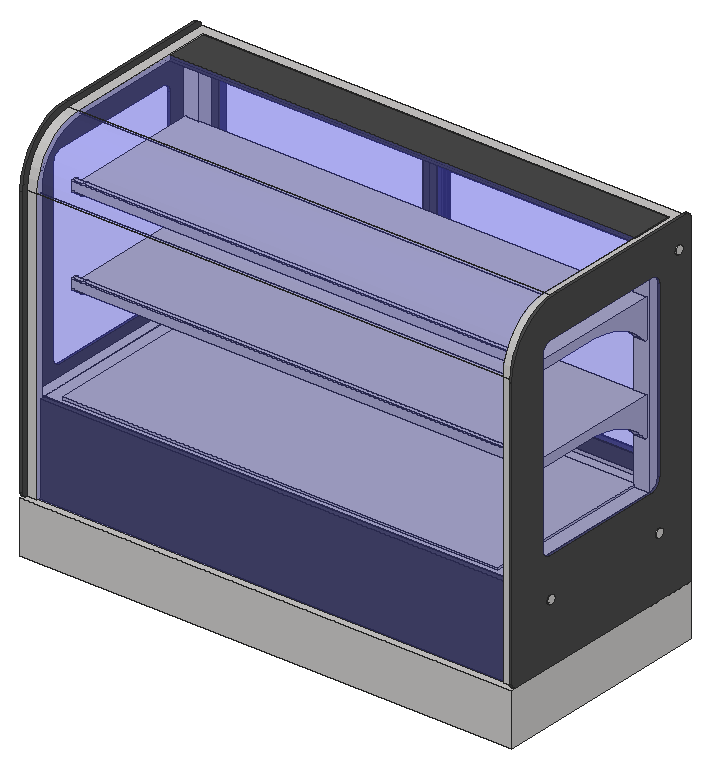
Revit family "Qf_Vollrath_HDC9348_Heated_Display_Case_Cubed_Countertop-48 inches_cat", category Specialty Equipment, Revit 2019
Family settings
  Round Connector Dimension = Use Diameter
  Part Type = Normal
  Work Plane-Based = No
  Always vertical = Yes
  Cut with Voids When Loaded = No
  Shared = No
  Room Calculation Point = No
Parameters
  Weight in Pounds = 423.3
  Watts = Volts * FL Amps  # 696 W
  Volts = 120 V
  URL Cutsheet = ""
  Specification by User = ""
  Specification by Manufacturer = ""
  Serial Number = ""
  Seismic Rating = ""
  SMACNA No = ""
  Revision Code = ""
  Phase = 0
  Number of Poles = 1
  NAFEM Spec ID Number = ""
  Model = "HDC9348"
  Min Ckt Ampacity = 0 A
  Max Overcurrent Protection = 0 A
  Masterspec = ""
  Manufacturer = "Vollrath"
  Length = 47.9"
  Item Number = ""
  Installed By = ""
  Identify Quantity as Lot = yes
  Height = 37.0"
  HP = ""
  Furnished By = ""
  Foodservice Equipment Identifier = yes
  FL Amps = 5.8 A
  Electrical Remarks = ""
  Electric Connection Type = ""
  Elec Conn RI Height = 0.0"
  Elec Conn Connection Height = 0.0"
  Description = "Heated Display Case Cubed Countertop-48\""
  Depth = 21.5"
  Cycle = 50 Hz
  Conn Plug = "NEMA 5-15P"
  Conn Conduit = yes
  CSI MasterFormat = ""
  Apparent Power = 0 VA
Reference planes (in)
  plane 1 "BACK": y = 0
  plane 2: z = 0
  plane 3 "LEFT": x = 0
  plane 4 "RIGHT": x = 47.9
  plane 5 "FRONT": y = -21.5
  plane 6 "TOP": z = 37
  plane 7 "Center Y": x = 23.95
  plane 8 "Center X": y = -10.75
  plane 9: x = 0.2
  plane 10: x = 0.45
  plane 11: x = 1.45
  plane 12: x = 47.7
  plane 13: x = 47.45
  plane 14: x = 46.45
  plane 15: z = 5
  plane 16: z = 22.08957
  plane 17: z = 30.55413
  plane 18: z = 13.66535
  plane 19: z = 15.3376
  plane 20: z = 33.6565
  plane 21: z = 34.82972
  plane 22: x = 2.2
  plane 23: y = -5
Forms (in)
  Extrusion 1, solid, material "QF_Plastic_Black_Smooth"
    sketch origin (0.2, -21.42126, 48) x (0, -1, 0) y (0, 0, 1)
      loop
        line (-21.42126, -43) -> (-0.42126, -43)
        arc (-0.42126, -43) -> (-0.06771, -42.85355) -> (0.07874, -42.5) r 0.5
        line (0.07874, -42.5) -> (0.07874, -16.5)
        arc (0.07874, -16.5) -> (-1.53217, -12.61091) -> (-5.42126, -11) r 5.5
        line (-5.42126, -11) -> (-20.92126, -11)
        arc (-20.92126, -11) -> (-21.27481, -11.14645) -> (-21.42126, -11.5) r 0.5
        line (-21.42126, -11.5) -> (-21.42126, -43)
      loop
        arc (-17.79626, -32.38281) -> (-17.50337, -33.08992) -> (-16.79626, -33.38281) r 1
        line (-16.79626, -33.38281) -> (-4.54626, -33.38281)
        arc (-4.54626, -33.38281) -> (-3.83915, -33.08992) -> (-3.54626, -32.38281) r 1
        line (-3.54626, -32.38281) -> (-3.54626, -15.7)
        arc (-3.54626, -15.7) -> (-3.83915, -14.99289) -> (-4.54626, -14.7) r 1
        line (-4.54626, -14.7) -> (-16.79626, -14.7)
        arc (-16.79626, -14.7) -> (-17.50337, -14.99289) -> (-17.79626, -15.7) r 1
        line (-17.79626, -15.7) -> (-17.79626, -32.38281)
    from 0 to -0.25
  Extrusion 2, solid, material "QF_Metal_Stainless_Polished"
    sketch origin (0.2, -21.42126, 48) x (0, -1, 0) y (0, 0, 1)
      loop
        circle (-19.84515, -13.58886) r 0.375
      loop
        circle (-17.4766, -37.03027) r 0.375
      loop
        circle (-4.38554, -37.03027) r 0.375
    from 0 to 0.2
  Extrusion 3, solid, material "QF_Plastic_Black_Smooth"
    sketch origin (47.7, -21.42126, 48) x (0, -1, 0) y (0, 0, -1)
      loop
        line (-21.42126, 43) -> (-21.42126, 11.5)
        arc (-21.42126, 11.5) -> (-21.27481, 11.14645) -> (-20.92126, 11) r 0.5
        line (-20.92126, 11) -> (-5.42126, 11)
        arc (-5.42126, 11) -> (-1.53217, 12.61091) -> (0.07874, 16.5) r 5.5
        line (0.07874, 16.5) -> (0.07874, 42.5)
        arc (0.07874, 42.5) -> (-0.06771, 42.85355) -> (-0.42126, 43) r 0.5
        line (-0.42126, 43) -> (-21.42126, 43)
      loop
        line (-17.79626, 32.38281) -> (-17.79626, 15.7)
        arc (-17.79626, 15.7) -> (-17.50337, 14.99289) -> (-16.79626, 14.7) r 1
        line (-16.79626, 14.7) -> (-4.54626, 14.7)
        arc (-4.54626, 14.7) -> (-3.83915, 14.99289) -> (-3.54626, 15.7) r 1
        line (-3.54626, 15.7) -> (-3.54626, 32.38281)
        arc (-3.54626, 32.38281) -> (-3.83915, 33.08992) -> (-4.54626, 33.38281) r 1
        line (-4.54626, 33.38281) -> (-16.79626, 33.38281)
        arc (-16.79626, 33.38281) -> (-17.50337, 33.08992) -> (-17.79626, 32.38281) r 1
    from 0 to -0.25
  Extrusion 4, solid, material "QF_Metal_Stainless_Polished"
    sketch origin (47.7, -21.42126, 48) x (0, -1, 0) y (0, 0, -1)
      loop
        circle (-19.84515, 13.58886) r 0.375
      loop
        circle (-17.4766, 37.03027) r 0.375
      loop
        circle (-4.38554, 37.03027) r 0.375
    from 0 to 0.2
  Extrusion 5, solid, material "QF_Metal_Stainless_Polished"
    sketch origin (0.45, -21.42126, 48.39448) x (0, -1, 0) y (0, 0, 1)
      loop
        line (-21.42126, -39.76948) -> (-20.42126, -39.76948) -> (-20.42126, -43.39448) -> (-0.42126, -43.39448) -> (-0.42126, -16.89448)
        arc (-0.42126, -16.89448) -> (-1.88573, -13.35895) -> (-5.42126, -11.89448) r 5
        line (-5.42126, -11.89448) -> (-21.42126, -11.89448) -> (-21.42126, -39.76948)
      loop
        line (-20.92126, -34.72913) -> (-0.92126, -34.72913) -> (-0.92126, -16.89448)
        arc (-0.92126, -16.89448) -> (-2.23928, -13.7125) -> (-5.42126, -12.39448) r 4.5
        line (-5.42126, -12.39448) -> (-20.92126, -12.39448) -> (-20.92126, -34.72913)
    from 0 to -1
  Extrusion 6, solid, material "QF_Metal_Stainless_Polished"
    sketch origin (1.45, -21.42126, 48.39448) x (0, -1, 0) y (0, 0, 1)
      loop
        line (-20.01969, -34.46605) -> (-19.99213, -34.50992) -> (-19.99213, -34.6435) -> (-20.83465, -34.6435) -> (-20.83465, -34.50992) -> (-20.80709, -34.46605) -> (-20.80709, -34.35609)
        arc (-20.80709, -34.35609) -> (-20.81285, -34.34217) -> (-20.82677, -34.33641) r 0.01969
        line (-20.82677, -34.33641) -> (-20.90551, -34.33641)
        arc (-20.90551, -34.33641) -> (-20.91943, -34.34217) -> (-20.9252, -34.35609) r 0.01969
        line (-20.9252, -34.35609) -> (-20.9252, -34.46605) -> (-20.89764, -34.50992) -> (-20.89764, -34.6435) -> (-21.31102, -34.6435) -> (-21.31102, -34.36003) -> (-21.35827, -34.36003) -> (-21.35827, -34.72913) -> (-19.4685, -34.72913) -> (-19.4685, -34.36003) -> (-19.51575, -34.36003) -> (-19.51575, -34.6435) -> (-19.92913, -34.6435) -> (-19.92913, -34.50992) -> (-19.90157, -34.46605) -> (-19.90157, -34.35609)
        arc (-19.90157, -34.35609) -> (-19.90734, -34.34217) -> (-19.92126, -34.33641) r 0.01969
        line (-19.92126, -34.33641) -> (-20, -34.33641)
        arc (-20, -34.33641) -> (-20.01392, -34.34217) -> (-20.01969, -34.35609) r 0.01969
        line (-20.01969, -34.35609) -> (-20.01969, -34.46605)
    from 0 to -45
  Extrusion 7, solid, material "QF_Metal_Stainless_Polished"
    sketch origin (2.2, -3.37008, 48) x (0, -1, 0) y (0, 0, 1)
      loop
        arc (12.99213, -26.77657) -> (13.09402, -26.76316) -> (13.18898, -26.72383) r 0.3937
        line (13.18898, -26.72383) -> (13.75197, -26.39879)
        arc (13.75197, -26.39879) -> (13.77214, -26.37861) -> (13.77953, -26.35105) r 0.05512
        line (13.77953, -26.35105) -> (13.77953, -25.45374)
        arc (13.77953, -25.45374) -> (13.76338, -25.41477) -> (13.72441, -25.39862) r 0.05512
        line (13.72441, -25.39862) -> (13.3622, -25.39862)
        arc (13.3622, -25.39862) -> (13.32323, -25.41477) -> (13.30709, -25.45374) r 0.05512
        line (13.30709, -25.45374) -> (13.30709, -25.91043)
        arc (13.30709, -25.91043) -> (13.29331, -25.92421) -> (13.27953, -25.91043) r 0.01378
        line (13.27953, -25.91043) -> (0, -25.91043) -> (0, -29.52049)
        arc (0, -29.52049) -> (0.07688, -29.63117) -> (0.20744, -29.59776) r 0.11811
        arc (0.20744, -29.59776) -> (2.98552, -27.51532) -> (6.37795, -26.77657) r 8.15869
        line (6.37795, -26.77657) -> (12.99213, -26.77657)
    from -0.5 to 0.5
  Extrusion 8, solid, material "QF_Plastic_Black_Smooth"
    sketch origin (40.07697, 0, 15.3376) x (0, 1, 0) y (1, 0, 0)
      loop
        line (-0.38189, -15.47047) -> (-0.38189, -15.3878)
        arc (-0.38189, -15.3878) -> (-0.40296, -15.36682) -> (-0.42944, -15.38034) r 0.02532
        arc (-0.42944, -15.38034) -> (-0.55527, -15.45742) -> (-0.6811, -15.38034) r 0.14124
        arc (-0.6811, -15.38034) -> (-0.70758, -15.36682) -> (-0.72866, -15.3878) r 0.02532
        line (-0.72866, -15.3878) -> (-0.72866, -15.47441) -> (-0.79917, -15.47441) -> (-0.82677, -15.55025) -> (-0.82677, -16.24213) -> (-0.96063, -16.19341) -> (-0.96063, -16.84843) -> (-0.14961, -16.84843) -> (-0.14961, -16.24213) -> (-0.34646, -16.24213) -> (-0.34646, -15.65945) -> (-0.16929, -15.65945)
        arc (-0.16929, -15.65945) -> (-0.15537, -15.65368) -> (-0.14961, -15.63976) r 0.01969
        line (-0.14961, -15.63976) -> (-0.14961, -15.49016)
        arc (-0.14961, -15.49016) -> (-0.15537, -15.47624) -> (-0.16929, -15.47047) r 0.01969
        line (-0.16929, -15.47047) -> (-0.38189, -15.47047)
    from 1.58661 to -19.49213
  Extrusion 9, solid, material "QF_Plastic_Black_Smooth"
    sketch origin (34.15041, 0, 15.3376) x (0, 1, 0) y (1, 0, 0)
      loop
        line (-0.38189, -32.59646) -> (-0.16929, -32.59646)
        arc (-0.16929, -32.59646) -> (-0.15537, -32.59069) -> (-0.14961, -32.57677) r 0.01969
        line (-0.14961, -32.57677) -> (-0.14961, -32.42717)
        arc (-0.14961, -32.42717) -> (-0.15537, -32.41325) -> (-0.16929, -32.40748) r 0.01969
        line (-0.16929, -32.40748) -> (-0.34646, -32.40748) -> (-0.34646, -31.8248) -> (-0.14961, -31.8248) -> (-0.14961, -31.2185) -> (-0.96063, -31.2185) -> (-0.96063, -31.87352) -> (-0.82677, -31.8248) -> (-0.82677, -32.51668) -> (-0.79917, -32.59252) -> (-0.72866, -32.59252) -> (-0.72866, -32.67913)
        arc (-0.72866, -32.67913) -> (-0.70758, -32.70011) -> (-0.6811, -32.68659) r 0.02532
        arc (-0.6811, -32.68659) -> (-0.55527, -32.60951) -> (-0.42944, -32.68659) r 0.14124
        arc (-0.42944, -32.68659) -> (-0.40296, -32.70011) -> (-0.38189, -32.67913) r 0.02532
        line (-0.38189, -32.67913) -> (-0.38189, -32.59646)
    from 1.58661 to -19.49213
  Extrusion 10, solid, material "QF_Plastic_Black_Smooth"
    sketch origin (61.81652, -0.90551, 15.3376) x (0, 1, 0) y (1, 0, 0)
      loop
        line (-0.38189, -15.47047) -> (-0.38189, -15.3878)
        arc (-0.38189, -15.3878) -> (-0.40296, -15.36682) -> (-0.42944, -15.38034) r 0.02532
        arc (-0.42944, -15.38034) -> (-0.55527, -15.45742) -> (-0.6811, -15.38034) r 0.14124
        arc (-0.6811, -15.38034) -> (-0.70758, -15.36682) -> (-0.72866, -15.3878) r 0.02532
        line (-0.72866, -15.3878) -> (-0.72866, -15.47441) -> (-0.79917, -15.47441) -> (-0.82677, -15.55025) -> (-0.82677, -16.24213) -> (-0.96063, -16.19341) -> (-0.96063, -16.84843) -> (-0.14961, -16.84843) -> (-0.14961, -16.24213) -> (-0.34646, -16.24213) -> (-0.34646, -15.65945) -> (-0.16929, -15.65945)
        arc (-0.16929, -15.65945) -> (-0.15537, -15.65368) -> (-0.14961, -15.63976) r 0.01969
        line (-0.14961, -15.63976) -> (-0.14961, -15.49016)
        arc (-0.14961, -15.49016) -> (-0.15537, -15.47624) -> (-0.16929, -15.47047) r 0.01969
        line (-0.16929, -15.47047) -> (-0.38189, -15.47047)
    from 1.58661 to -19.49213
  Extrusion 11, solid, material "QF_Plastic_Black_Smooth"
    sketch origin (55.88996, -0.90551, 15.3376) x (0, 1, 0) y (1, 0, 0)
      loop
        line (-0.38189, -32.59646) -> (-0.16929, -32.59646)
        arc (-0.16929, -32.59646) -> (-0.15537, -32.59069) -> (-0.14961, -32.57677) r 0.01969
        line (-0.14961, -32.57677) -> (-0.14961, -32.42717)
        arc (-0.14961, -32.42717) -> (-0.15537, -32.41325) -> (-0.16929, -32.40748) r 0.01969
        line (-0.16929, -32.40748) -> (-0.34646, -32.40748) -> (-0.34646, -31.8248) -> (-0.14961, -31.8248) -> (-0.14961, -31.2185) -> (-0.96063, -31.2185) -> (-0.96063, -31.87352) -> (-0.82677, -31.8248) -> (-0.82677, -32.51668) -> (-0.79917, -32.59252) -> (-0.72866, -32.59252) -> (-0.72866, -32.67913)
        arc (-0.72866, -32.67913) -> (-0.70758, -32.70011) -> (-0.6811, -32.68659) r 0.02532
        arc (-0.6811, -32.68659) -> (-0.55527, -32.60951) -> (-0.42944, -32.68659) r 0.14124
        arc (-0.42944, -32.68659) -> (-0.40296, -32.70011) -> (-0.38189, -32.67913) r 0.02532
        line (-0.38189, -32.67913) -> (-0.38189, -32.59646)
    from 1.58661 to -19.49213
  Extrusion 12, solid, material "QF_Plastic_Black_Smooth"
    sketch origin (44.9799, -1.05512, 15.3376) x (1, 0, 0) y (0, 0, -1)
      loop
        line (-0.01181, -0.08661) -> (-0.01181, 1.58661) -> (-20.29073, 1.58661) -> (-20.29073, -0.08661) -> (-0.01181, -0.08661)
      loop
        line (-0.01181, -18.3189) -> (-20.29073, -18.3189) -> (-20.29073, -19.49213) -> (-0.01181, -19.49213) -> (-0.01181, -18.3189)
    from 0 to -0.81102
  Extrusion 13, solid, material "QF_Plastic_Black_Smooth"
    sketch origin (17.24035, -0.14961, 15.3376) x (1, 0, 0) y (0, 0, -1)
      loop
        line (5.95046, -0.08661) -> (5.95046, 1.58661) -> (-14.30845, 1.58661) -> (-14.30845, -0.08661) -> (5.95046, -0.08661)
      loop
        line (5.94279, -18.3189) -> (-14.30845, -18.3189) -> (-14.30845, -19.49213) -> (5.94279, -19.49213) -> (5.94279, -18.3189)
    from 0 to -0.81102
  Extrusion 14, solid, material "Glass"
    sketch origin (44.96809, -1.05512, 15.42421) x (-1, 0, 0) y (0, -1, 0)
      loop
        line (0, 0.13) -> (20.27892, 0.13) -> (20.27892, 0.69102) -> (0, 0.69102) -> (0, 0.13)
      loop
        line (21.77728, -0.77551) -> (42.03618, -0.77551) -> (42.03618, -0.22449) -> (21.77728, -0.22449) -> (21.77728, -0.77551)
    from 0 to 18.23228
  Extrusion 15, solid, material "QF_Metal_Stainless_Polished"
    sketch origin (0, 0, 0) x (1, 0, 0) y (0, 0, 1)
      loop
        line (46.45, 36.5) -> (1.45, 36.5) -> (1.45, 35.35728) -> (46.45, 35.35728) -> (46.45, 36.5)
    from 0 to 1
  Extrusion 16, solid, material "QF_Metal_Stainless_Polished"
    sketch origin (-51.07972, -0.125, 0) x (1, 0, 0) y (0, 0, 1)
      loop
        line (97.00216, 13.66535) -> (97.52972, 13.66535) -> (97.52972, 35.35728) -> (52.52972, 35.35728) -> (52.52972, 13.66535) -> (53.05728, 13.66535) -> (53.05728, 34.82972) -> (97.00216, 34.82972) -> (97.00216, 13.66535)
    from 0 to 0.125
  Extrusion 17, solid, material "QF_Metal_Stainless_Polished"
    sketch origin (33.31121, 0, 13.66535) x (0, 1, 0) y (1, 0, 0)
      loop
        line (-1.95276, -31.86121) -> (-1.95276, -30.36121) -> (-3.37008, -30.36121) -> (-3.37008, -31.86121) -> (-1.95276, -31.86121)
      loop
        line (-1.95276, 13.13879) -> (-3.37008, 13.13879) -> (-3.37008, 11.63879) -> (-1.95276, 11.63879) -> (-1.95276, 13.13879)
    from 0 to -22.33465
  Extrusion 18, solid, material "QF_Metal_Stainless_Polished"
    sketch origin (45.7, -3.37008, 48) x (0, -1, 0) y (0, 0, -1)
      loop
        line (12.99213, 26.77657) -> (6.37795, 26.77657)
        arc (6.37795, 26.77657) -> (2.98552, 27.51532) -> (0.20744, 29.59776) r 8.15869
        arc (0.20744, 29.59776) -> (0.07688, 29.63117) -> (0, 29.52049) r 0.11811
        line (0, 29.52049) -> (0, 25.91043) -> (13.27953, 25.91043)
        arc (13.27953, 25.91043) -> (13.29331, 25.92421) -> (13.30709, 25.91043) r 0.01378
        line (13.30709, 25.91043) -> (13.30709, 25.45374)
        arc (13.30709, 25.45374) -> (13.32323, 25.41477) -> (13.3622, 25.39862) r 0.05512
        line (13.3622, 25.39862) -> (13.72441, 25.39862)
        arc (13.72441, 25.39862) -> (13.76338, 25.41477) -> (13.77953, 25.45374) r 0.05512
        line (13.77953, 25.45374) -> (13.77953, 26.35105)
        arc (13.77953, 26.35105) -> (13.77214, 26.37861) -> (13.75197, 26.39879) r 0.05512
        line (13.75197, 26.39879) -> (13.18898, 26.72383)
        arc (13.18898, 26.72383) -> (13.09402, 26.76316) -> (12.99213, 26.77657) r 0.3937
    from -0.5 to 0.5
  Extrusion 19, solid, material "QF_Metal_Stainless_Polished"
    sketch origin (2.7, -3.37008, 48) x (0, 1, 0) y (0, 0, 1)
      loop
        line (0, -25.91043) -> (-13.27953, -25.91043)
        arc (-13.27953, -25.91043) -> (-13.29331, -25.92421) -> (-13.30709, -25.91043) r 0.01378
        line (-13.30709, -25.91043) -> (-13.30709, -25.45374)
        arc (-13.30709, -25.45374) -> (-13.32323, -25.41477) -> (-13.3622, -25.39862) r 0.05512
        line (-13.3622, -25.39862) -> (-13.72441, -25.39862)
        arc (-13.72441, -25.39862) -> (-13.76338, -25.41477) -> (-13.77953, -25.45374) r 0.05512
        line (-13.77953, -25.45374) -> (-13.77953, -26.35105) -> (0, -26.35105) -> (0, -25.91043)
    from 0 to 42.5
  Extrusion 20, solid, material "QF_Metal_Stainless_Polished"
    sketch origin (-79.5026, 0, 0) x (1, 0, 0) y (0, 0, 1)
      loop
        line (80.9526, 13.66437) -> (80.9526, 8.625) -> (125.9526, 8.625) -> (125.9526, 13.66437) -> (80.9526, 13.66437)
    from 0 to 20.25
  Extrusion 21, solid, material "QF_Metal_Stainless_Polished"
    sketch origin (-79.5026, 0, 0) x (1, 0, 0) y (0, 0, 1)
      loop
        line (126.35516, 0) -> (126.35516, 0.70374) -> (80.55004, 0.70374) -> (80.55004, 0) -> (126.35516, 0)
    from 3 to 0.5
  Extrusion 22, solid, material "QF_Metal_Stainless_Polished"
    sketch origin (-67.5026, 0, 0) x (1, 0, 0) y (0, 0, 1)
      loop
        line (114.35516, 0.70374) -> (114.35516, 8.625) -> (113.13862, 8.625) -> (113.13862, 0.70374) -> (114.35516, 0.70374)
    from 3 to 0.5
  Extrusion 23, solid, material "QF_Metal_Stainless_Polished"
    sketch origin (-80.67976, 0, 0) x (1, 0, 0) y (0, 0, 1)
      loop
        line (126.31579, 0.70374) -> (126.31579, 8.625) -> (89.52248, 8.625) -> (89.52248, 0.70374) -> (126.31579, 0.70374)
    from 3 to 0.5
  Extrusion 24, solid, material "QF_Metal_Stainless_Polished"
    sketch origin (-105.47307, 0, 0) x (1, 0, 0) y (0, 0, 1)
      loop
        line (114.31579, 0.70374) -> (114.31579, 8.625) -> (113.41027, 8.625) -> (113.41027, 0.70374) -> (114.31579, 0.70374)
    from 3 to 0.5
  Extrusion 25, solid, material "QF_Metal_Stainless_Polished"
    sketch origin (-106.37858, 0, 0) x (1, 0, 0) y (0, 0, 1)
      loop
        line (114.31579, 0.70374) -> (114.31579, 8.625) -> (108.60712, 8.625) -> (108.60712, 0.70374) -> (114.31579, 0.70374)
    from 3 to 0.5
  Extrusion 26, solid, material "QF_Metal_Stainless_Polished"
    sketch origin (-112.08724, 0, 0) x (1, 0, 0) y (0, 0, 1)
      loop
        line (114.31579, 0.70374) -> (114.31579, 8.625) -> (113.13468, 8.625) -> (113.13468, 0.70374) -> (114.31579, 0.70374)
    from 3 to 0.5
  Extrusion 27, solid, material "QF_Metal_Stainless_Polished"
    sketch origin (-79.5026, 0, 0) x (-1, 0, 0) y (0, 0, 1)
      loop
        line (-81.14413, 11.28248) -> (-84.95201, 11.28248)
        arc (-84.95201, 11.28248) -> (-85.01854, 11.25492) -> (-85.0461, 11.18839) r 0.09409
        line (-85.0461, 11.18839) -> (-85.0461, 8.87657)
        arc (-85.0461, 8.87657) -> (-85.01854, 8.81004) -> (-84.95201, 8.78248) r 0.09409
        line (-84.95201, 8.78248) -> (-81.14413, 8.78248)
        arc (-81.14413, 8.78248) -> (-81.0776, 8.81004) -> (-81.05004, 8.87657) r 0.09409
        line (-81.05004, 8.87657) -> (-81.05004, 11.18839)
        arc (-81.05004, 11.18839) -> (-81.0776, 11.25492) -> (-81.14413, 11.28248) r 0.09409
    from 0 to 0.06
  Extrusion 28, solid, material "QF_Metal_Stainless_Polished"
    sketch origin (2.2, -3.37008, 56.46457) x (0, -1, 0) y (0, 0, 1)
      loop
        arc (12.99213, -26.77657) -> (13.09402, -26.76316) -> (13.18898, -26.72383) r 0.3937
        line (13.18898, -26.72383) -> (13.75197, -26.39879)
        arc (13.75197, -26.39879) -> (13.77214, -26.37861) -> (13.77953, -26.35105) r 0.05512
        line (13.77953, -26.35105) -> (13.77953, -25.45374)
        arc (13.77953, -25.45374) -> (13.76338, -25.41477) -> (13.72441, -25.39862) r 0.05512
        line (13.72441, -25.39862) -> (13.3622, -25.39862)
        arc (13.3622, -25.39862) -> (13.32323, -25.41477) -> (13.30709, -25.45374) r 0.05512
        line (13.30709, -25.45374) -> (13.30709, -25.91043)
        arc (13.30709, -25.91043) -> (13.29331, -25.92421) -> (13.27953, -25.91043) r 0.01378
        line (13.27953, -25.91043) -> (0, -25.91043) -> (0, -29.52049)
        arc (0, -29.52049) -> (0.07688, -29.63117) -> (0.20744, -29.59776) r 0.11811
        arc (0.20744, -29.59776) -> (2.98552, -27.51532) -> (6.37795, -26.77657) r 8.15869
        line (6.37795, -26.77657) -> (12.99213, -26.77657)
    from -0.5 to 0.5
  Extrusion 29, solid, material "QF_Metal_Stainless_Polished"
    sketch origin (45.7, -3.37008, 56.46457) x (0, -1, 0) y (0, 0, -1)
      loop
        line (12.99213, 26.77657) -> (6.37795, 26.77657)
        arc (6.37795, 26.77657) -> (2.98552, 27.51532) -> (0.20744, 29.59776) r 8.15869
        arc (0.20744, 29.59776) -> (0.07688, 29.63117) -> (0, 29.52049) r 0.11811
        line (0, 29.52049) -> (0, 25.91043) -> (13.27953, 25.91043)
        arc (13.27953, 25.91043) -> (13.29331, 25.92421) -> (13.30709, 25.91043) r 0.01378
        line (13.30709, 25.91043) -> (13.30709, 25.45374)
        arc (13.30709, 25.45374) -> (13.32323, 25.41477) -> (13.3622, 25.39862) r 0.05512
        line (13.3622, 25.39862) -> (13.72441, 25.39862)
        arc (13.72441, 25.39862) -> (13.76338, 25.41477) -> (13.77953, 25.45374) r 0.05512
        line (13.77953, 25.45374) -> (13.77953, 26.35105)
        arc (13.77953, 26.35105) -> (13.77214, 26.37861) -> (13.75197, 26.39879) r 0.05512
        line (13.75197, 26.39879) -> (13.18898, 26.72383)
        arc (13.18898, 26.72383) -> (13.09402, 26.76316) -> (12.99213, 26.77657) r 0.3937
    from -0.5 to 0.5
  Extrusion 30, solid, material "QF_Metal_Stainless_Polished"
    sketch origin (2.7, -3.37008, 56.46457) x (0, 1, 0) y (0, 0, 1)
      loop
        line (0, -25.91043) -> (-13.27953, -25.91043)
        arc (-13.27953, -25.91043) -> (-13.29331, -25.92421) -> (-13.30709, -25.91043) r 0.01378
        line (-13.30709, -25.91043) -> (-13.30709, -25.45374)
        arc (-13.30709, -25.45374) -> (-13.32323, -25.41477) -> (-13.3622, -25.39862) r 0.05512
        line (-13.3622, -25.39862) -> (-13.72441, -25.39862)
        arc (-13.72441, -25.39862) -> (-13.76338, -25.41477) -> (-13.77953, -25.45374) r 0.05512
        line (-13.77953, -25.45374) -> (-13.77953, -26.35105) -> (0, -26.35105) -> (0, -25.91043)
    from 0 to 42.5
  Extrusion 31, solid, material "QF_Metal_Stainless_Polished"
    sketch origin (0, 0, 0) x (1, 0, 0) y (0, 1, 0)
      loop
        line (47.7, 0) -> (46.85256, 0) -> (46.85256, -3) -> (1.04744, -3) -> (1.04744, 0) -> (0.2, 0) -> (0.2, -21.5) -> (47.7, -21.5) -> (47.7, 0)
    from 0 to 5
  Extrusion 32, solid, material "QF_Metal_Stainless_Polished"
    sketch origin (47.45, -21.42126, 48.39448) x (0, -1, 0) y (0, 0, -1)
      loop
        line (-21.42126, 39.76948) -> (-21.42126, 11.89448) -> (-5.42126, 11.89448)
        arc (-5.42126, 11.89448) -> (-1.88573, 13.35895) -> (-0.42126, 16.89448) r 5
        line (-0.42126, 16.89448) -> (-0.42126, 43.39448) -> (-20.42126, 43.39448) -> (-20.42126, 39.76948) -> (-21.42126, 39.76948)
      loop
        line (-20.92126, 34.72913) -> (-20.92126, 12.39448) -> (-5.42126, 12.39448)
        arc (-5.42126, 12.39448) -> (-2.23928, 13.7125) -> (-0.92126, 16.89448) r 4.5
        line (-0.92126, 16.89448) -> (-0.92126, 34.72913) -> (-20.92126, 34.72913)
    from 0 to -1
  Extrusion 33, solid, material "QF_Metal_Stainless_Polished"
    sketch origin (0, 0, 0) x (1, 0, 0) y (0, 0, 1)
      loop
        line (0.45, 8.625) -> (0.45, 5) -> (1.04744, 5) -> (1.04744, 8.625) -> (0.45, 8.625)
      loop
        line (47.45, 8.625) -> (46.85256, 8.625) -> (46.85256, 5) -> (47.45, 5) -> (47.45, 8.625)
    from 0 to 1
  Extrusion 34, solid, material "QF_Plastic_Black_Smooth"
    sketch origin (7.23536, -0.5, 1.36639) x (0, -0.34076, 0.94015) y (1, 0, 0)
      loop
        line (4.80772, -0.13) -> (0.38, -0.13)
        arc (0.38, -0.13) -> (0.20322, -0.20322) -> (0.13, -0.38) r 0.25
        line (0.13, -0.38) -> (0.13, -3.92346)
        arc (0.13, -3.92346) -> (0.20322, -4.10023) -> (0.38, -4.17346) r 0.25
        line (0.38, -4.17346) -> (4.80772, -4.17346)
        arc (4.80772, -4.17346) -> (4.98449, -4.10023) -> (5.05772, -3.92346) r 0.25
        line (5.05772, -3.92346) -> (5.05772, -0.38)
        arc (5.05772, -0.38) -> (4.98449, -0.20322) -> (4.80772, -0.13) r 0.25
    from 0 to 0.06
  Extrusion 35, solid, material "QF_Plastic_White_Smooth"
    sketch origin (7.23536, -0.44359, 1.38683) x (0, -0.34076, 0.94015) y (1, 0, 0)
      loop
        circle (0.93442, -3.29352) r 0.5
    from 0 to 0.25
  Extrusion 36, solid, material "QF_Plastic_Black_Smooth"
    sketch origin (7.23536, -0.44359, 1.38683) x (0, -0.34076, 0.94015) y (1, 0, 0)
      loop
        arc (4.45141, -0.68195) -> (3.82641, -0.37591) -> (3.20141, -0.68195) r 0.79121
        line (3.20141, -0.68195) -> (3.20141, -3.6215)
        arc (3.20141, -3.6215) -> (3.82641, -3.92755) -> (4.45141, -3.6215) r 0.79121
        line (4.45141, -3.6215) -> (4.45141, -0.68195)
    from 0 to 0.06
  Extrusion 37, solid, material "QF_Plastic_Black_Smooth"
    sketch origin (-75.7526, 0, 0) x (-1, 0, 0) y (0, 0, 1)
      loop
        line (-77.49689, 13.52657) -> (-81.11894, 13.52657)
        arc (-81.11894, 13.52657) -> (-81.25813, 13.46892) -> (-81.31579, 13.32972) r 0.19685
        line (-81.31579, 13.32972) -> (-81.31579, 11.59744)
        arc (-81.31579, 11.59744) -> (-81.25813, 11.45825) -> (-81.11894, 11.40059) r 0.19685
        line (-81.11894, 11.40059) -> (-77.49689, 11.40059)
        arc (-77.49689, 11.40059) -> (-77.35769, 11.45825) -> (-77.30004, 11.59744) r 0.19685
        line (-77.30004, 11.59744) -> (-77.30004, 13.32972)
        arc (-77.30004, 13.32972) -> (-77.35769, 13.46892) -> (-77.49689, 13.52657) r 0.19685
      loop
        line (-81.41421, 8.97933) -> (-81.41421, 11.2628)
        arc (-81.41421, 11.2628) -> (-81.47187, 11.40199) -> (-81.61106, 11.45965) r 0.19685
        line (-81.61106, 11.45965) -> (-84.17012, 11.45965)
        arc (-84.17012, 11.45965) -> (-84.30931, 11.40199) -> (-84.36697, 11.2628) r 0.19685
        line (-84.36697, 11.2628) -> (-84.36697, 8.97933)
        arc (-84.36697, 8.97933) -> (-84.30931, 8.84014) -> (-84.17012, 8.78248) r 0.19685
        line (-84.17012, 8.78248) -> (-81.61106, 8.78248)
        arc (-81.61106, 8.78248) -> (-81.47187, 8.84014) -> (-81.41421, 8.97933) r 0.19685
    from 0 to 0.06
  Extrusion 38, solid, material "QF_Plastic_Black_Smooth"
    sketch origin (0.45, -0.5, 36.5) x (0, -1, 0) y (1, 0, 0)
      loop
        line (4.5, 1) -> (4.5, 46) -> (0.5, 46) -> (0.5, 1) -> (4.5, 1)
    from 0 to -0.5
  Extrusion 39, solid, material "QF_Metal_Stainless_Polished"
    sketch origin (1.38012, 0, 13.66437) x (1, 0, 0) y (0, 1, 0)
      loop
        line (1.56988, -3.20977) -> (1.56988, -19.75) -> (43.56988, -19.75) -> (43.56988, -3.20977) -> (1.56988, -3.20977)
    from 0 to 0.25
  Extrusion 40, solid, material "QF_Plastic_Black_Smooth"
    sketch origin (-79.5026, -20.25, 0) x (1, 0, 0) y (0, 0, 1)
      loop
        line (125.9526, 13.66437) -> (80.9526, 13.66437) -> (80.9526, 5) -> (125.9526, 5) -> (125.9526, 13.66437)
    from 0 to 0.5
  Extrusion 41, solid, material "Glass"
    sketch origin (1.45, -21.42126, 48.39448) x (0, 1, 0) y (0, 0, 1)
      loop
        line (0.42126, -16.89448) -> (0.42126, -43.39448) -> (0.67126, -43.39448) -> (0.67126, -16.89448)
        arc (0.67126, -16.89448) -> (2.0625, -13.53572) -> (5.42126, -12.14448) r 4.75
        line (5.42126, -12.14448) -> (16.42126, -12.14448) -> (16.42126, -11.89448) -> (5.42126, -11.89448)
        arc (5.42126, -11.89448) -> (1.88573, -13.35895) -> (0.42126, -16.89448) r 5
    from 0 to 45
  Extrusion 42, solid, material "Glass"
    sketch origin (0.2, -21.42126, 48) x (0, -1, 0) y (0, 0, 1)
      loop
        line (-16.79626, -33.38281) -> (-4.54626, -33.38281)
        arc (-4.54626, -33.38281) -> (-3.83915, -33.08992) -> (-3.54626, -32.38281) r 1
        line (-3.54626, -32.38281) -> (-3.54626, -15.7)
        arc (-3.54626, -15.7) -> (-3.83915, -14.99289) -> (-4.54626, -14.7) r 1
        line (-4.54626, -14.7) -> (-16.79626, -14.7)
        arc (-16.79626, -14.7) -> (-17.50337, -14.99289) -> (-17.79626, -15.7) r 1
        line (-17.79626, -15.7) -> (-17.79626, -32.38281)
        arc (-17.79626, -32.38281) -> (-17.50337, -33.08992) -> (-16.79626, -33.38281) r 1
    from 0 to -0.25
  Extrusion 43, solid, material "Glass"
    sketch origin (47.7, -21.42126, 48) x (0, -1, 0) y (0, 0, -1)
      loop
        arc (-16.79626, 33.38281) -> (-17.50337, 33.08992) -> (-17.79626, 32.38281) r 1
        line (-17.79626, 32.38281) -> (-17.79626, 15.7)
        arc (-17.79626, 15.7) -> (-17.50337, 14.99289) -> (-16.79626, 14.7) r 1
        line (-16.79626, 14.7) -> (-4.54626, 14.7)
        arc (-4.54626, 14.7) -> (-3.83915, 14.99289) -> (-3.54626, 15.7) r 1
        line (-3.54626, 15.7) -> (-3.54626, 32.38281)
        arc (-3.54626, 32.38281) -> (-3.83915, 33.08992) -> (-4.54626, 33.38281) r 1
        line (-4.54626, 33.38281) -> (-16.79626, 33.38281)
    from 0 to -0.25
  Extrusion 44, void
    sketch origin (7.23536, 0, 2.05972) x (0, 0, 1) y (0, -1, 0)
      loop
        line (-0.69333, 0.5) -> (-0.69333, -1.5) -> (5.95167, -1.5) -> (5.95167, 0.5) -> (4.1839, 2.26777) -> (-0.69333, 0.5)
    from 0 to -4.30346
Cuts and joins
  Extrusion 44 cuts Extrusion 23
  Extrusion 44 cuts Extrusion 25
  joined: Extrusion 5, Extrusion 15, Extrusion 32
  joined: Extrusion 28, Extrusion 29, Extrusion 30
  joined: Extrusion 7, Extrusion 18, Extrusion 19
Lines and regions (in)
  symbolic lines
    curve 1: line (0.2, -21.5, 0) -> (47.7, -21.5, 0)
    curve 2: line (0.45, -21, 0) -> (47.45, -21, 0)
    curve 3: line (46.45, -21, 0) -> (46.45, -5, 0)
    curve 4: line (1.45, -5, 0) -> (1.45, -21, 0)
    curve 5: line (46.45, -5, 0) -> (1.45, -5, 0)
    curve 6: line (1.45, -1, 0) -> (1.45, -5, 0)
    curve 7: line (46.45, -1, 0) -> (1.45, -1, 0)
    curve 8: line (46.45, -5, 0) -> (46.45, -1, 0)
    curve 9: line (0.2, 0, 0) -> (0.2, -21.5, 0)
    curve 10: line (0.45, -21.5, 0) -> (0.45, 0, 0)
    curve 11: line (47.45, 0, 0) -> (47.45, -21.5, 0)
    curve 12: line (47.7, -21.5, 0) -> (47.7, 0, 0)
    curve 13: line (0.2, 0, 0) -> (47.7, 0, 0)
    curve 14: line (47.9, -1.20111, 0) -> (47.7, -1.20111, 0)
    curve 15: line (47.9, -1.20111, 0) -> (47.9, -1.95111, 0)
    curve 16: line (47.9, -1.95111, 0) -> (47.7, -1.95111, 0)
    curve 17: line (47.9, -3.56966, 0) -> (47.7, -3.56966, 0)
    curve 18: line (47.9, -3.56966, 0) -> (47.9, -4.31966, 0)
    curve 19: line (47.9, -4.31966, 0) -> (47.7, -4.31966, 0)
    curve 20: line (47.9, -16.66072, 0) -> (47.7, -16.66072, 0)
    curve 21: line (47.9, -16.66072, 0) -> (47.9, -17.41072, 0)
    curve 22: line (47.9, -17.41072, 0) -> (47.7, -17.41072, 0)
    curve 23: line (0, -1.20111, 0) -> (0.2, -1.20111, 0)
    curve 24: line (0, -1.20111, 0) -> (0, -1.95111, 0)
    curve 25: line (0, -1.95111, 0) -> (0.2, -1.95111, 0)
    curve 26: line (0, -3.56966, 0) -> (0.2, -3.56966, 0)
    curve 27: line (0, -3.56966, 0) -> (0, -4.31966, 0)
    curve 28: line (0, -4.31966, 0) -> (0.2, -4.31966, 0)
    curve 29: line (0, -16.66072, 0) -> (0.2, -16.66072, 0)
    curve 30: line (0, -16.66072, 0) -> (0, -17.41072, 0)
    curve 31: line (0, -17.41072, 0) -> (0.2, -17.41072, 0)
Dimensions and locks (in)
  equal spacing: plane 3 "LEFT", plane 7 "Center Y", plane 4 "RIGHT"
  "Length": plane 3 "LEFT" to plane 4 "RIGHT"
  equal spacing: plane 5 "FRONT", plane 8 "Center X", plane 1 "BACK"
  "Depth": plane 5 "FRONT" to plane 1 "BACK"
  "Height": plane 6 "TOP" to level
  plane 3 "LEFT" to plane 9 = 0.2"
  plane 9 to plane 10 = 0.25"
  plane 15 to plane 2 = 5.0"
  plane 6 "TOP" to plane 2 = 37.0"  (x2)
  plane 5 "FRONT" to plane 1 "BACK" = 21.5"
  plane 1 "BACK" to plane 5 "FRONT" = 21.5"
  plane 4 "RIGHT" to plane 3 "LEFT" = 47.9"
  plane 14 to plane 13 to plane 12 to plane 4 "RIGHT" = 1.0" locked, 0.25" locked, 0.2" locked
  aligned and locked: level to plane 2
Automatic sketch dimensions
  curve 23 to plane 3 "LEFT" = 0.0"
  curve 31 to plane 3 "LEFT" = 0.0"
  curve 28 to plane 3 "LEFT" = 0.0"
  curve 28 to plane 9 = 0.0"
  plane 1 "BACK" to curve 10 = 0.0"
  curve 10 to plane 10 = 0.0"
  curve 5 to plane 11 = 0.0"
  curve 3 to plane 14 = 0.0"
  curve 2 to plane 13 = 0.0"
  curve 20 to plane 12 = 0.0"
  curve 21 to plane 4 "RIGHT" = 0.0"
  curve 19 to plane 4 "RIGHT" = 0.0"
  curve 16 to plane 4 "RIGHT" = 0.0"
  plane 5 "FRONT" to curve 1 = 0.0"
  plane 23 to curve 5 = 0.0"
  curve 21 to plane 5 "FRONT" = 4.08928"
  curve 31 to plane 5 "FRONT" = 4.08928"
  curve 21 to curve 21 = 0.75"
  curve 30 to curve 29 = 0.75"
  curve 19 to plane 23 = 0.68034"
  curve 27 to plane 23 = 0.68034"
  curve 18 to curve 17 = 0.75"
  curve 27 to curve 26 = 0.75"
  curve 17 to curve 15 = 1.61856"
  curve 26 to curve 25 = 1.61856"
  curve 24 to curve 23 = 0.75"
  curve 15 to curve 14 = 0.75"
  plane 1 "BACK" to curve 6 = 1.0"
  curve 4 to plane 5 "FRONT" = 0.5"
  Extrusion 1 sketch curve to plane 1 "BACK" = 0.0"
  Extrusion 1 sketch curve to plane 6 "TOP" = 0.0"
  Extrusion 1 sketch curve to plane 15 = 0.0"
  Extrusion 1 sketch curve to plane 5 "FRONT" = 0.0"
  plane 1 "BACK" to Extrusion 1 sketch curve = 0.5"
  Extrusion 1 sketch curve to plane 19 = 0.27959"  (x2)
  Extrusion 1 sketch curve to plane 23 = 1.375"
  Extrusion 1 sketch curve to plane 23 = 0.375"  (x2)
  Extrusion 1 sketch curve to plane 8 "Center X" = 5.25"
  Extrusion 1 sketch curve to plane 5 "FRONT" = 4.625"
  Extrusion 1 sketch curve to Extrusion 1 sketch curve = 1.0"
  Extrusion 1 sketch curve to plane 5 "FRONT" = 0.5"
  plane 20 to Extrusion 1 sketch curve = 1.3565"
  Extrusion 2 sketch curve to Extrusion 1 = 1.57611"
  Extrusion 1 to Extrusion 2 sketch curve = 0.31966"
  Extrusion 1 to Extrusion 2 sketch curve = 0.83928"
  Extrusion 2 sketch curve to Extrusion 1 = 3.64745"  (x2)
  Extrusion 2 sketch curve to Extrusion 1 = 1.11114"
  Extrusion 3 sketch curve to plane 1 "BACK" = 0.0"
  Extrusion 3 sketch curve to plane 6 "TOP" = 0.0"
  Extrusion 3 sketch curve to plane 15 = 0.0"
  Extrusion 3 sketch curve to plane 5 "FRONT" = 0.0"
  plane 1 "BACK" to Extrusion 3 sketch curve = 0.5"
  Extrusion 3 sketch curve to plane 19 = 0.27959"  (x2)
  Extrusion 3 sketch curve to plane 23 = 1.375"
  Extrusion 3 sketch curve to plane 23 = 0.375"  (x2)
  Extrusion 3 sketch curve to plane 8 "Center X" = 5.25"
  Extrusion 3 sketch curve to plane 5 "FRONT" = 4.625"
  Extrusion 3 sketch curve to Extrusion 3 sketch curve = 1.0"
  Extrusion 3 sketch curve to plane 5 "FRONT" = 0.5"
  plane 20 to Extrusion 3 sketch curve = 0.3565"
  Extrusion 4 sketch curve to Extrusion 3 = 1.57611"
  Extrusion 3 to Extrusion 4 sketch curve = 0.31966"
  Extrusion 3 to Extrusion 4 sketch curve = 0.83928"
  Extrusion 4 sketch curve to Extrusion 3 = 1.11114"
  Extrusion 4 sketch curve to Extrusion 3 = 3.64745"  (x2)
  Extrusion 5 sketch curve to Extrusion 5 sketch curve = 0.0"  (x2)
  Extrusion 5 sketch curve to plane 1 "BACK" = 0.0"
  plane 18 to Extrusion 5 sketch curve = 0.0"
  Extrusion 5 sketch curve to plane 15 = 0.0"
  plane 1 "BACK" to Extrusion 5 sketch curve = 0.5"
  plane 1 "BACK" to Extrusion 5 sketch curve = 1.0"
  Extrusion 5 sketch curve to plane 17 = 0.94587"
  Extrusion 5 sketch curve to plane 8 "Center X" = 5.25"
  Extrusion 5 sketch curve to plane 5 "FRONT" = 1.0"
  Extrusion 5 sketch curve to plane 5 "FRONT" = 0.5"
  plane 15 to Extrusion 5 sketch curve = 3.625"
  plane 18 to Extrusion 6 sketch curve = 0.0"
  plane 1 "BACK" to Extrusion 6 sketch curve = 0.06299"
  Extrusion 6 sketch curve to Extrusion 6 sketch curve = 0.04724"  (x2)
  Extrusion 6 sketch curve to Extrusion 6 sketch curve = 0.38583"
  Extrusion 6 sketch curve to Extrusion 6 sketch curve = 0.01969"  (x2)
  Extrusion 6 sketch curve to Extrusion 6 sketch curve = 0.02756"  (x4)
  Extrusion 6 sketch curve to Extrusion 6 sketch curve = 0.06299"  (x2)
  Extrusion 6 sketch curve to Extrusion 6 sketch curve = 0.07874"  (x2)
  Extrusion 6 sketch curve to plane 18 = 0.26308"  (x2)
  Extrusion 6 sketch curve to plane 18 = 0.37303"
  Extrusion 6 sketch curve to Extrusion 6 sketch curve = 0.7874"
  Extrusion 6 sketch curve to plane 18 = 0.08563"  (x3)
  Extrusion 6 sketch curve to plane 18 = 0.21921"
  Extrusion 6 sketch curve to Extrusion 6 sketch curve = 0.41339"
  Extrusion 6 sketch curve to Extrusion 6 sketch curve = 0.0"  (x2)
  Extrusion 6 sketch curve to Extrusion 6 sketch curve = 0.04387"  (x3)
  Extrusion 6 sketch curve to Extrusion 6 sketch curve = 0.28346"  (x2)
  Extrusion 6 sketch curve to Extrusion 6 sketch curve = 0.10996"
  plane 16 to Extrusion 7 sketch curve = 0.0"
  Extrusion 7 sketch curve to plane 23 = 1.62992"
  Extrusion 7 sketch curve to Extrusion 7 sketch curve = 0.11811"
  plane 18 to Extrusion 7 sketch curve = 0.60062"
  plane 8 "Center X" to Extrusion 7 sketch curve = 1.00197"
  plane 16 to Extrusion 7 sketch curve = 0.86614"
  Extrusion 7 sketch curve to plane 5 "FRONT" = 5.1378"
  plane 16 to Extrusion 7 sketch curve = 0.8134"
  Extrusion 7 sketch curve to Extrusion 7 sketch curve = 0.19685"
  Extrusion 7 sketch curve to Extrusion 7 sketch curve = 0.2874"
  Extrusion 7 sketch curve to Extrusion 7 sketch curve = 0.01378"
  Extrusion 7 sketch curve to Extrusion 7 sketch curve = 0.05512"  (x2)
  Extrusion 7 sketch curve to Extrusion 7 sketch curve = 0.3622"
  Extrusion 7 sketch curve to Extrusion 7 sketch curve = 0.41732"
  plane 16 to Extrusion 7 sketch curve = 0.48835"
  Extrusion 7 sketch curve to Extrusion 7 sketch curve = 0.02756"
  Extrusion 7 sketch curve to plane 19 = 3.14191"
  Extrusion 7 sketch curve to plane 16 = 0.45669"
  Extrusion 8 sketch curve to plane 7 "Center Y" = 0.06644"
  plane 1 "BACK" to Extrusion 8 sketch curve = 0.96063"
  Extrusion 8 sketch curve to plane 7 "Center Y" = 0.11516"  (x2)
  Extrusion 8 sketch curve to Extrusion 8 sketch curve = 0.13386"
  Extrusion 8 sketch curve to Extrusion 8 sketch curve = 0.0276"
  Extrusion 8 sketch curve to Extrusion 8 sketch curve = 0.07051"
  Extrusion 8 sketch curve to Extrusion 8 sketch curve = 0.025"  (x2)
  Extrusion 8 sketch curve to Extrusion 8 sketch curve = 0.14839"  (x2)
  Extrusion 8 sketch curve to Extrusion 8 sketch curve = 0.03543"
  plane 1 "BACK" to Extrusion 8 sketch curve = 0.16929"
  Extrusion 8 sketch curve to Extrusion 8 sketch curve = 0.0"  (x2)
  plane 1 "BACK" to Extrusion 8 sketch curve = 0.14961"
  Extrusion 8 sketch curve to Extrusion 8 sketch curve = 0.01969"
  plane 7 "Center Y" to Extrusion 8 sketch curve = 0.46752"
  Extrusion 8 sketch curve to Extrusion 8 sketch curve = 0.1092"
  Extrusion 8 sketch curve to Extrusion 8 sketch curve = 0.14961"
  Extrusion 8 sketch curve to Extrusion 8 sketch curve = 0.07584"
  Extrusion 8 sketch curve to Extrusion 8 sketch curve = 0.07863"
  Extrusion 8 sketch curve to Extrusion 8 sketch curve = 0.08257"
  Extrusion 8 sketch curve to Extrusion 8 sketch curve = 0.00404"  (x2)
  Extrusion 8 sketch curve to Extrusion 8 sketch curve = 0.07566"
  Extrusion 8 sketch curve to Extrusion 8 sketch curve = 0.6063"
  Extrusion 9 sketch curve to plane 22 = 0.07689"
  plane 1 "BACK" to Extrusion 9 sketch curve = 0.96063"
  Extrusion 9 sketch curve to plane 22 = 0.12561"  (x2)
  Extrusion 9 sketch curve to Extrusion 9 sketch curve = 0.13386"
  Extrusion 9 sketch curve to Extrusion 9 sketch curve = 0.0276"
  Extrusion 9 sketch curve to Extrusion 9 sketch curve = 0.07051"
  Extrusion 9 sketch curve to Extrusion 9 sketch curve = 0.025"  (x2)
  plane 11 to Extrusion 9 sketch curve = 0.05034"
  Extrusion 9 sketch curve to Extrusion 9 sketch curve = 0.14839"  (x2)
  Extrusion 9 sketch curve to plane 11 = 0.02532"  (x2)
  Extrusion 9 sketch curve to Extrusion 9 sketch curve = 0.03543"
  plane 1 "BACK" to Extrusion 9 sketch curve = 0.16929"
  Extrusion 9 sketch curve to Extrusion 9 sketch curve = 0.0"  (x2)
  plane 1 "BACK" to Extrusion 9 sketch curve = 0.14961"
  Extrusion 9 sketch curve to Extrusion 9 sketch curve = 0.01969"
  Extrusion 9 sketch curve to Extrusion 9 sketch curve = 0.6063"
  Extrusion 9 sketch curve to Extrusion 9 sketch curve = 0.26761"
  Extrusion 9 sketch curve to plane 11 = 0.18373"
  Extrusion 9 sketch curve to plane 11 = 0.12364"
  Extrusion 9 sketch curve to plane 11 = 0.10789"
  Extrusion 9 sketch curve to plane 11 = 0.02128"  (x2)
  Extrusion 10 sketch curve to plane 14 = 0.82689"
  plane 1 "BACK" to Extrusion 10 sketch curve = 1.86614"
  Extrusion 10 sketch curve to Extrusion 10 sketch curve = 0.13386"
  Extrusion 10 sketch curve to Extrusion 10 sketch curve = 0.0276"
  Extrusion 10 sketch curve to Extrusion 10 sketch curve = 0.07051"
  Extrusion 10 sketch curve to Extrusion 10 sketch curve = 0.025"  (x2)
  plane 14 to Extrusion 10 sketch curve = 0.05034"
  Extrusion 10 sketch curve to Extrusion 10 sketch curve = 0.14839"  (x2)
  Extrusion 10 sketch curve to plane 14 = 0.02532"  (x2)
  Extrusion 10 sketch curve to Extrusion 10 sketch curve = 0.03543"
  Extrusion 10 sketch curve to Extrusion 10 sketch curve = 0.2126"
  Extrusion 10 sketch curve to Extrusion 10 sketch curve = 0.0"  (x2)
  Extrusion 10 sketch curve to Extrusion 10 sketch curve = 0.19685"
  Extrusion 10 sketch curve to Extrusion 10 sketch curve = 0.01969"
  Extrusion 10 sketch curve to plane 14 = 0.02128"  (x2)
  Extrusion 10 sketch curve to plane 14 = 0.10395"
  Extrusion 10 sketch curve to plane 14 = 0.10789"
  Extrusion 10 sketch curve to Extrusion 10 sketch curve = 0.07584"
  Extrusion 10 sketch curve to Extrusion 10 sketch curve = 0.14961"
  Extrusion 10 sketch curve to Extrusion 10 sketch curve = 0.58268"
  Extrusion 10 sketch curve to Extrusion 10 sketch curve = 0.04872"
  Extrusion 10 sketch curve to Extrusion 10 sketch curve = 0.6063"
  plane 7 "Center Y" to Extrusion 11 sketch curve = 0.06644"
  plane 1 "BACK" to Extrusion 11 sketch curve = 1.86614"
  plane 7 "Center Y" to Extrusion 11 sketch curve = 0.11516"  (x2)
  Extrusion 11 sketch curve to Extrusion 11 sketch curve = 0.13386"
  Extrusion 11 sketch curve to Extrusion 11 sketch curve = 0.0276"
  Extrusion 11 sketch curve to Extrusion 11 sketch curve = 0.07051"
  Extrusion 11 sketch curve to Extrusion 11 sketch curve = 0.025"  (x2)
  Extrusion 11 sketch curve to Extrusion 11 sketch curve = 0.14839"  (x2)
  Extrusion 11 sketch curve to Extrusion 11 sketch curve = 0.03543"
  Extrusion 11 sketch curve to Extrusion 11 sketch curve = 0.2126"
  Extrusion 11 sketch curve to Extrusion 11 sketch curve = 0.0"  (x2)
  Extrusion 11 sketch curve to Extrusion 11 sketch curve = 0.19685"
  Extrusion 11 sketch curve to Extrusion 11 sketch curve = 0.01969"
  Extrusion 11 sketch curve to Extrusion 11 sketch curve = 0.6063"
  Extrusion 11 sketch curve to plane 7 "Center Y" = 0.46752"
  Extrusion 11 sketch curve to Extrusion 11 sketch curve = 0.1092"
  Extrusion 11 sketch curve to Extrusion 11 sketch curve = 0.14961"
  Extrusion 11 sketch curve to Extrusion 11 sketch curve = 0.07584"
  Extrusion 11 sketch curve to Extrusion 11 sketch curve = 0.08257"
  Extrusion 11 sketch curve to Extrusion 11 sketch curve = 0.07863"
  Extrusion 11 sketch curve to Extrusion 11 sketch curve = 0.00404"  (x2)
  Extrusion 11 sketch curve to Extrusion 11 sketch curve = 0.07566"
  Extrusion 12 sketch curve to Extrusion 10 = 0.0"  (x3)
  Extrusion 10 to Extrusion 12 sketch curve = 0.0"
  Extrusion 10 to Extrusion 12 sketch curve = 1.17323"
  Extrusion 10 to Extrusion 12 sketch curve = 20.27892"
  Extrusion 12 sketch curve to Extrusion 12 sketch curve = 0.0"
  Extrusion 10 to Extrusion 12 sketch curve = 1.67323"
  Extrusion 13 sketch curve to plane 21 = 0.0"
  Extrusion 13 sketch curve to plane 20 = 0.0"
  Extrusion 13 sketch curve to plane 22 = 0.73191"  (x2)
  Extrusion 13 sketch curve to plane 19 = 0.08661"
  Extrusion 13 sketch curve to plane 7 "Center Y" = 0.76685"
  Extrusion 13 sketch curve to plane 7 "Center Y" = 0.75919"
  Extrusion 13 sketch curve to plane 18 = 0.08563"
  Extrusion 14 sketch curve to Extrusion 12 = 0.0"  (x2)
  Extrusion 14 sketch curve to Extrusion 12 = 0.22449"
  Extrusion 12 to Extrusion 14 sketch curve = 1.49836"
  Extrusion 14 sketch curve to Extrusion 12 = 0.77551"
  Extrusion 14 sketch curve to Extrusion 14 sketch curve = 20.2589"
  Extrusion 12 to Extrusion 14 sketch curve = 0.13"
  Extrusion 12 to Extrusion 14 sketch curve = 0.12"
  plane 11 to Extrusion 15 sketch curve = 0.0"
  Extrusion 15 sketch curve to plane 14 = 0.0"
  Extrusion 15 sketch curve to plane 21 = 0.52756"
  Extrusion 15 sketch curve to plane 6 "TOP" = 0.5"
  plane 11 to Extrusion 16 sketch curve = 0.0"
  Extrusion 16 sketch curve to plane 21 = 0.0"
  Extrusion 16 sketch curve to plane 18 = 0.0"  (x2)
  Extrusion 16 sketch curve to plane 14 = 0.0"
  plane 22 to Extrusion 16 sketch curve = 0.22244"
  Extrusion 16 sketch curve to plane 14 = 0.52756"
  Extrusion 16 sketch curve to plane 21 = 0.52756"
  Extrusion 17 sketch curve to plane 11 = 0.0"
  Extrusion 17 sketch curve to plane 14 = 0.0"
  Extrusion 17 sketch curve to plane 23 = 1.62992"  (x2)
  Extrusion 17 sketch curve to Extrusion 17 sketch curve = 1.41732"  (x2)
  Extrusion 17 sketch curve to Extrusion 17 sketch curve = 1.5"
  Extrusion 17 sketch curve to plane 22 = 0.75"
  plane 16 to Extrusion 18 sketch curve = 0.0"
  Extrusion 18 sketch curve to plane 23 = 1.62992"
  Extrusion 18 sketch curve to Extrusion 18 sketch curve = 0.11811"
  plane 18 to Extrusion 18 sketch curve = 0.60062"
  plane 8 "Center X" to Extrusion 18 sketch curve = 1.00197"
  plane 16 to Extrusion 18 sketch curve = 0.86614"
  Extrusion 18 sketch curve to plane 5 "FRONT" = 5.1378"
  plane 16 to Extrusion 18 sketch curve = 0.8134"
  Extrusion 18 sketch curve to Extrusion 18 sketch curve = 0.19685"
  Extrusion 18 sketch curve to Extrusion 18 sketch curve = 0.2874"
  Extrusion 18 sketch curve to Extrusion 18 sketch curve = 0.01378"
  Extrusion 18 sketch curve to Extrusion 18 sketch curve = 0.05512"  (x2)
  Extrusion 18 sketch curve to Extrusion 18 sketch curve = 0.3622"
  Extrusion 18 sketch curve to Extrusion 18 sketch curve = 0.41732"
  plane 16 to Extrusion 18 sketch curve = 0.48835"
  Extrusion 18 sketch curve to Extrusion 18 sketch curve = 0.02756"
  Extrusion 18 sketch curve to plane 16 = 0.45669"
  Extrusion 18 sketch curve to plane 19 = 3.14191"
  Extrusion 19 sketch curve to Extrusion 7 = 0.0"
  Extrusion 19 sketch curve to Extrusion 19 sketch curve = 0.05512"
  Extrusion 19 sketch curve to Extrusion 7 = 0.42552"
  plane 11 to Extrusion 20 sketch curve = 0.0"
  Extrusion 20 sketch curve to plane 14 = 0.0"
  plane 15 to Extrusion 20 sketch curve = 3.625"
  plane 18 to Extrusion 20 sketch curve = 0.00098"
  Extrusion 21 sketch curve to level = 0.0"
  plane 11 to Extrusion 21 sketch curve = 0.40256"
  plane 14 to Extrusion 21 sketch curve = 0.40256"
  Extrusion 21 sketch curve to Extrusion 21 sketch curve = 0.70374"
  Extrusion 22 sketch curve to plane 14 = 0.81398"
  plane 14 to Extrusion 22 sketch curve = 0.40256"
  level to Extrusion 22 sketch curve = 0.70374"
  plane 15 to Extrusion 22 sketch curve = 3.625"
  level to Extrusion 23 sketch curve = 0.70374"
  Extrusion 23 sketch curve to plane 22 = 6.64272"
  Extrusion 23 sketch curve to plane 14 = 0.81398"
  plane 15 to Extrusion 23 sketch curve = 3.625"
  level to Extrusion 24 sketch curve = 0.70374"
  Extrusion 24 sketch curve to plane 22 = 5.7372"
  Extrusion 24 sketch curve to Extrusion 24 sketch curve = 0.90551"
  plane 15 to Extrusion 24 sketch curve = 3.625"
  Extrusion 25 sketch curve to plane 22 = 0.02854"
  Extrusion 25 sketch curve to Extrusion 25 sketch curve = 5.70866"
  level to Extrusion 25 sketch curve = 0.70374"
  plane 15 to Extrusion 25 sketch curve = 3.625"
  plane 11 to Extrusion 26 sketch curve = 0.40256"
  Extrusion 26 sketch curve to plane 22 = 0.02854"
  level to Extrusion 26 sketch curve = 0.70374"
  plane 15 to Extrusion 26 sketch curve = 3.625"
  Extrusion 27 sketch curve to Extrusion 20 = 4.0935"
  Extrusion 27 sketch curve to Extrusion 27 sketch curve = 0.09409"  (x3)
  Extrusion 27 sketch curve to Extrusion 20 = 0.19154"  (x2)
  Extrusion 27 sketch curve to Extrusion 20 = 0.15748"
  Extrusion 27 sketch curve to Extrusion 27 sketch curve = 2.31181"
  plane 17 to Extrusion 28 sketch curve = 0.0"
  Extrusion 28 sketch curve to plane 23 = 1.62992"
  Extrusion 28 sketch curve to Extrusion 28 sketch curve = 0.11811"
  plane 16 to Extrusion 28 sketch curve = 0.56027"
  plane 8 "Center X" to Extrusion 28 sketch curve = 1.00197"
  plane 17 to Extrusion 28 sketch curve = 0.86614"
  Extrusion 28 sketch curve to plane 5 "FRONT" = 5.1378"
  plane 17 to Extrusion 28 sketch curve = 0.8134"
  Extrusion 28 sketch curve to Extrusion 28 sketch curve = 0.19685"
  Extrusion 28 sketch curve to Extrusion 28 sketch curve = 0.2874"
  Extrusion 28 sketch curve to Extrusion 28 sketch curve = 0.01378"
  Extrusion 28 sketch curve to Extrusion 28 sketch curve = 0.05512"  (x2)
  Extrusion 28 sketch curve to Extrusion 28 sketch curve = 0.3622"
  Extrusion 28 sketch curve to Extrusion 28 sketch curve = 0.41732"
  plane 17 to Extrusion 28 sketch curve = 0.48835"
  Extrusion 28 sketch curve to Extrusion 28 sketch curve = 0.02756"
  Extrusion 28 sketch curve to Extrusion 28 sketch curve = 3.61006"
  Extrusion 28 sketch curve to plane 17 = 0.45669"
  plane 17 to Extrusion 29 sketch curve = 0.0"
  Extrusion 29 sketch curve to plane 23 = 1.62992"
  Extrusion 29 sketch curve to Extrusion 29 sketch curve = 0.11811"
  plane 16 to Extrusion 29 sketch curve = 0.56027"
  plane 8 "Center X" to Extrusion 29 sketch curve = 1.00197"
  plane 17 to Extrusion 29 sketch curve = 0.86614"
  Extrusion 29 sketch curve to plane 5 "FRONT" = 5.1378"
  plane 17 to Extrusion 29 sketch curve = 0.8134"
  Extrusion 29 sketch curve to Extrusion 29 sketch curve = 0.19685"
  Extrusion 29 sketch curve to Extrusion 29 sketch curve = 0.2874"
  Extrusion 29 sketch curve to Extrusion 29 sketch curve = 0.01378"
  Extrusion 29 sketch curve to Extrusion 29 sketch curve = 0.05512"  (x2)
  Extrusion 29 sketch curve to Extrusion 29 sketch curve = 0.3622"
  Extrusion 29 sketch curve to Extrusion 29 sketch curve = 0.41732"
  plane 17 to Extrusion 29 sketch curve = 0.48835"
  Extrusion 29 sketch curve to Extrusion 29 sketch curve = 0.02756"
  Extrusion 29 sketch curve to plane 17 = 0.45669"
  plane 17 to Extrusion 29 sketch curve = 3.61006"
  Extrusion 30 sketch curve to Extrusion 28 = 0.0"
  Extrusion 30 sketch curve to Extrusion 30 sketch curve = 0.05512"
  Extrusion 30 sketch curve to Extrusion 28 = 0.42552"
  plane 5 "FRONT" to Extrusion 31 sketch curve = 0.0"
  Extrusion 31 sketch curve to plane 9 = 0.0"
  plane 1 "BACK" to Extrusion 31 sketch curve = 0.0"  (x2)
  Extrusion 31 sketch curve to plane 12 = 0.0"
  plane 11 to Extrusion 31 sketch curve = 0.40256"
  plane 14 to Extrusion 31 sketch curve = 0.40256"
  Extrusion 31 sketch curve to plane 23 = 2.0"
  Extrusion 32 sketch curve to Extrusion 32 sketch curve = 0.0"  (x2)
  Extrusion 32 sketch curve to plane 1 "BACK" = 0.0"
  plane 18 to Extrusion 32 sketch curve = 0.0"
  Extrusion 32 sketch curve to plane 15 = 0.0"
  plane 1 "BACK" to Extrusion 32 sketch curve = 0.5"
  plane 1 "BACK" to Extrusion 32 sketch curve = 1.0"
  Extrusion 32 sketch curve to plane 17 = 0.94587"
  Extrusion 32 sketch curve to plane 8 "Center X" = 5.25"
  Extrusion 32 sketch curve to plane 5 "FRONT" = 1.0"
  Extrusion 32 sketch curve to plane 5 "FRONT" = 0.5"
  plane 15 to Extrusion 32 sketch curve = 3.625"
  plane 10 to Extrusion 33 sketch curve = 0.0"
  Extrusion 33 sketch curve to plane 15 = 0.0"  (x2)
  Extrusion 33 sketch curve to plane 13 = 0.0"
  plane 11 to Extrusion 33 sketch curve = 0.40256"
  plane 14 to Extrusion 33 sketch curve = 0.40256"
  Extrusion 33 sketch curve to Extrusion 33 sketch curve = 3.625"
  plane 15 to Extrusion 33 sketch curve = 3.625"
  Extrusion 34 sketch curve to plane 22 = 1.11191"  (x2)
  Extrusion 34 sketch curve to Extrusion 34 sketch curve = 0.25"  (x3)
  Extrusion 34 sketch curve to Extrusion 34 sketch curve = 4.42772"
  Extrusion 34 sketch curve to Extrusion 34 sketch curve = 3.54346"
  Extrusion 35 sketch curve to Extrusion 34 = 0.80442"
  Extrusion 35 sketch curve to Extrusion 34 = 0.87993"
  Extrusion 36 sketch curve to Extrusion 34 = 0.55195"  (x2)
  Extrusion 36 sketch curve to Extrusion 34 = 1.85631"
  Extrusion 36 sketch curve to Extrusion 36 sketch curve = 0.625"  (x2)
  Extrusion 36 sketch curve to Extrusion 34 = 0.60631"
  Extrusion 36 sketch curve to Extrusion 36 sketch curve = 0.48516"
  Extrusion 36 sketch curve to Extrusion 34 = 1.03712"
  Extrusion 37 sketch curve to Extrusion 20 = 0.35433"
  Extrusion 37 sketch curve to Extrusion 20 = 7.16437"
  Extrusion 37 sketch curve to Extrusion 37 sketch curve = 0.19685"  (x3)
  Extrusion 37 sketch curve to Extrusion 20 = 0.15748"
  Extrusion 37 sketch curve to Extrusion 37 sketch curve = 2.55906"
  Extrusion 37 sketch curve to Extrusion 37 sketch curve = 0.0"
  Extrusion 37 sketch curve to Extrusion 20 = 0.33465"
  Extrusion 37 sketch curve to Extrusion 37 sketch curve = 0.29528"
  Extrusion 37 sketch curve to Extrusion 20 = 0.1378"
  Extrusion 37 sketch curve to Extrusion 20 = 0.29429"  (x2)
  Extrusion 37 sketch curve to Extrusion 20 = 0.09744"
  Extrusion 37 sketch curve to Extrusion 37 sketch curve = 2.28346"
  Extrusion 37 sketch curve to Extrusion 37 sketch curve = 1.92913"
  Extrusion 38 sketch curve to Extrusion 5 = 0.0"
  Extrusion 38 sketch curve to Extrusion 5 = 1.0"
  Extrusion 38 sketch curve to Extrusion 38 sketch curve = 4.0"
  Extrusion 38 sketch curve to Extrusion 38 sketch curve = 45.0"
  Extrusion 20 to Extrusion 39 sketch curve = 0.5"
